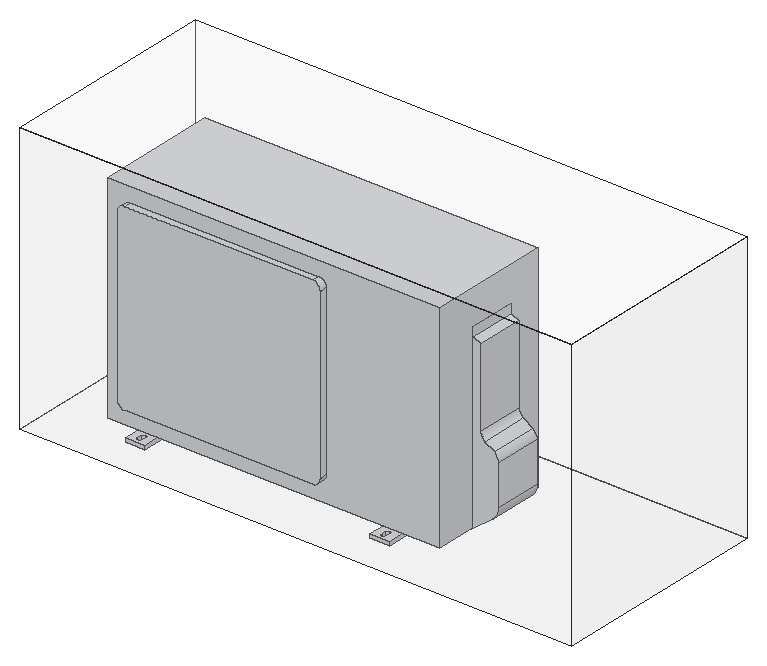
Revit family "mucz-g2556_23_50hz", category 機械設備, Revit 2019
Family settings
  丸型コネクタ寸法 = 直径を使用
  パーツ タイプ = 標準
  OmniClass 番号 = 23.75.10.24.21.27.27
  OmniClass タイトル = Split System Air Conditioning Units
  作業面ベース = いいえ
  常に垂直 = はい
  ロード時にボイドで切り取り = いいえ
  共有 = いいえ
  部屋計算ポイント = いいえ
Parameters (values of type "室外機_MUCZ-G2223(E,EE)")
  風量 = MAX風量  # 1370.0 m³/h
  音響パワーレベル(dB) = if([運転音(強冷房)  db] > [運転音(強暖房)  db], [運転音(強冷房)  db], [運転音(強暖房)  db])  # 59
  電源種別 = ""
  電圧 = 100 V
  電動機出力_送風機 = 22 W
  電動機出力_圧縮機 = 600 W
  運転音(強暖房)  db = 59
  運転音(強冷房)  db = 59
  運転質量 = 0.00 kg
  運転方法 = "冷暖切替"
  質量 = if(製品質量 > 運転質量, 製品質量, 運転質量) * 1.2  # 22.80 kg
  負荷分類 = 10_ファンコイル類
  説明 = "ルームエアコン(霧ヶ峰) GVシリーズ 室外ユニット"
  設計暖房能力 [instance] = 0 kW
  設計冷房能力_顕熱 [instance] = 0 kW
  設計冷房能力 [instance] = 0 kW
  設置方法 = "床置形"
  記号 [instance] = ""
  製造元 = "三菱電機株式会社"
  製品質量 = 19.00 kg
  製品出荷対象 = "国内"
  製品リリース年月 = "-"
  製品グループ = ""
  系統 [instance] = ""
  符号 = "ACR"
  積算_科目 = "1 空気調和設備"
  積算_拾い区分 [instance] = ""
  相 = 1
  盤記号 [instance] = ""
  発停方法 = "付属スイッチ"
  特殊仕様 [instance] = ""
  法定耐用年数 = "6"
  構成品番 = ""
  極数 = 1
  材質 = ""
  本体マテリアル = none
  最大電流値 = 0 A
  暖房能力 = 2.2 kW
  暖房 風量 = 1265.0 m³/h
  推奨ブレーカー容量 = 15 A
  形式 = "パッケージ形 屋外機"
  形名 = MUCZ-G2223 : MUCZ-G2223
  幹線記号 = ""
  始動方式 = "直入"
  呼称 = "パッケージ形空気調和機_室外機"
  周波数 = 50 Hz
  冷房 風量 = 1370.0 m³/h
  冷媒　位置Z = 128.5 mm
  冷媒　位置Y = 136 mm
  冷媒　位置X = 361.5 mm
  価格 = 0
  参照している仕様書等のバージョン = "公共建築物標準仕様書（機械設備工事編）平成31年度版"
  分類コード = "50053004206100"
  分類グループ = ""
  冷房能力 = 2.2 kW
  冷媒管径符号 = "Ab"
  冷媒管径 = 100.00 mm
  冷媒液管径 = 6.35 mm
  冷媒ガス管径 = 9.52 mm
  企業コード = "108420"
  付属品 = ""
  仕様書バージョン = "Version1.0"
  モデル = "MUCZ-G22**"
  ドレン管径 = 42.00 mm
  ドレン　位置Z = 23.5 mm
  ドレン　位置Y = 44 mm
  ドレン　位置X = 0 mm
  サービススペース = yes
  コメント [instance] = ""
  ケーブル種類1 = "VVF"
  Width = 679 mm
  Version = ""
  Uniclass2015Version = "Systems v1.9"
  Uniclass2015Title = "Split coil remote air cooled condensing units"
  Uniclass2015Code = "Pr_70_65_03_84"
  URL = "https://www.mitsubishielectric.co.jp/ldg/wink/"
  SpecificationReference = ""
  SpecificationDescription = ""
  Revision = ""
  ProductInformation = ""
  OmniClassCode = "23-33 17 13 11"
  MAX風量 = 1370.0 m³/h
  IfcTypeProduct = ""
  IfcProduct = ""
  IfcExportType = "AIRCONDITIONINGUNIT"
  IfcExportAs = "IfcUnitaryEquipmentType"
  Height = 453 mm
  FamilyVersion = "v1.7"
  Depth = 249 mm
  Clearance Top = 100 mm
  Clearance Right = 350 mm
  Clearance Left = 100 mm
  Clearance Front = 100 mm
  Clearance Bottom = 0 mm
  Clearance Back = 100 mm
  COP = 4.02
  Author = "三菱電機株式会社"
  APF = 5.8
Types (7, lengths in mm): name | 風量 | 音響パワーレベル(dB) | 電圧 | 電動機出力_送風機 | 電動機出力_圧縮機 | 運転音(強暖房)  db | 運転音(強冷房)  db | 質量 | 製品質量 | 暖房能力 | 暖房 風量 | 形名 | 冷房 風量 | 冷媒　位置Z | 冷媒　位置Y | 冷媒　位置X | 冷房能力 | モデル | ドレン管径 | ドレン　位置Z | ドレン　位置Y | Width | MAX風量 | Height | Depth | Clearance Front | COP | APF
  (no name) | 1370.0 m³/h | 59 | 100 V | 22 W | 600 W | 59 | 59 | 22.80 kg | 19.00 kg | 2.2 kW | 1265.0 m³/h | MUCZ-G2223 : MUCZ-G2223 | 1370.0 m³/h | 128.5 | 136 | 361.5 | 2.2 kW | "MUCZ-G22**" | 42.00 | 23.5 | 44 | 679 | 1370.0 m³/h | 453 | 249 | 100 | 4.02 | 5.8
  室外機_MUCZ-G2223(E,EE) | 1370.0 m³/h | 59 | 100 V | 22 W | 600 W | 59 | 59 | 22.80 kg | 19.00 kg | 2.2 kW | 1265.0 m³/h | MUCZ-G2223 : MUCZ-G2223 | 1370.0 m³/h | 128.5 | 136 | 361.5 | 2.2 kW | "MUCZ-G22**" | 42.00 | 23.5 | 44 | 679 | 1370.0 m³/h | 453 | 249 | 100 | 4.02 | 5.8
  室外機_MUCZ-G2523(E,EE) | 1690.0 m³/h | 61 | 100 V | 22 W | 650 W | 60 | 61 | 22.80 kg | 19.00 kg | 2.8 kW | 1490.0 m³/h | MUCZ-G2523_2823 : MUCZ-G2523_2823 | 1690.0 m³/h | 128.5 | 136 | 361.5 | 2.5 kW | "MUCZ-G25**" | 42.00 | 23.5 | 44 | 679 | 1690.0 m³/h | 453 | 249 | 100 | 3.92 | 5.8
  室外機_MUCZ-G2823(E,EE) | 1710.0 m³/h | 65 | 100 V | 22 W | 750 W | 65 | 62 | 24.00 kg | 20.00 kg | 3.6 kW | 1600.0 m³/h | MUCZ-G2523_2823 : MUCZ-G2523_2823 | 1710.0 m³/h | 128.5 | 136 | 361.5 | 2.8 kW | "MUCZ-G28**" | 42.00 | 23.5 | 44 | 679 | 1710.0 m³/h | 453 | 249 | 100 | 3.73 | 5.8
  室外機_MUCZ-G3623(E,EE) | 2110.0 m³/h | 64 | 100 V | 22 W | 950 W | 64 | 61 | 27.60 kg | 23.00 kg | 4.2 kW | 2015.0 m³/h | MUCZ-G3623 : MUCZ-G3623 | 2110.0 m³/h | 130.5 | 121 | 371.5 | 3.6 kW | "MUCZ-G36**" | 33.00 | 23.5 | 42 | 699 | 2110.0 m³/h | 538 | 249 | 100 | 3 | 4.9
  室外機_MUCZ-G4023S(E,EE) | 2280.0 m³/h | 64 | 200 V | 50 W | 1100 W | 64 | 61 | 33.60 kg | 28.00 kg | 5 kW | 2280.0 m³/h | MUCZ-G4023S_5623S : MUCZ-G4023S_5623S | 2280.0 m³/h | 132.5 | 171 | 429 | 4 kW | "MUCZ-G40**S" | 42.00 | 45 | 44 | 800 | 2280.0 m³/h | 550 | 285 | 200 | 2.9 | 4.9
  室外機_MUCZ-G5623S(E,EE) | 2040.0 m³/h | 68 | 200 V | 50 W | 1500 W | 68 | 65 | 40.80 kg | 34.00 kg | 6.7 kW | 2135.0 m³/h | MUCZ-G4023S_5623S : MUCZ-G4023S_5623S | 2040.0 m³/h | 132.5 | 171 | 429 | 5.6 kW | "MUCZ-G56**S" | 42.00 | 45 | 44 | 800 | 2040.0 m³/h | 550 | 285 | 200 | 2.87 | 5
Reference planes
  plane 1 "中心(正面/背面)": y = 74
  plane 2: z = 0
  plane 3 "中心(左/右)": x = 830
  plane 4 "右": x = 1169.5
  plane 5 "左": x = 490.5
  plane 6 "背面": y = 198.5
  plane 7 "正面": y = -50.5
  plane 8 "上部": z = 453
  plane 9 "Clearanse Top": z = 553
  plane 10 "SS_back": y = 298.5
  plane 11 "SS_front": y = -150.5
  plane 12 "SS_left": x = 390.5
  plane 13 "SS_right": x = 1519.5
  plane 14: z = 0
  plane 15: z = 23.5
  plane 16: z = 24.5
  plane 17: y = 154.5
  plane 18: y = 62.5
  plane 19: z = 128.5
  plane 20: x = 1191.5
  plane 21: z = 50
  plane 22: x = 1168.5
  plane 23: x = 1167.5
  plane 24: y = 63.5
Forms (mm)
  Extrusion 1, solid, material <- "本体マテリアル", detail levels fine
    sketch origin (-1437.329, -1524, 54) x (-1, 0, 0) y (0, -1, 0)
      loop
        circle (-2267.329, -1678.5) r 21
    from -30.5 to -29.5
  Extrusion 2, solid, material <- "本体マテリアル", detail levels fine
    sketch origin (1169.5, 0, 0) x (0, 1, 0) y (0, 0, 1)
      loop
        circle (154.5, 50) r 10
    from -1 to -2
  Extrusion 3, solid, material <- "本体マテリアル", detail levels fine
    sketch origin (0, -50.5, 0) x (1, 0, 0) y (0, 0, 1)
      loop
        circle (1191.5, 128.5) r 25
    from -114 to -113
Dimensions and locks
  equal spacing: plane 7 "正面", plane 1 "中心(正面/背面)", plane 6 "背面"
  "Depth": plane 7 "正面" to plane 6 "背面"
  "Width": plane 5 "左" to plane 4 "右"
  equal spacing: plane 5 "左", plane 3 "中心(左/右)", plane 4 "右"
  "Clearance Left": plane 12 "SS_left" to plane 5 "左"
  "Clearance Right": plane 4 "右" to plane 13 "SS_right"
  "Clearance Back": plane 6 "背面" to plane 10 "SS_back"
  "Clearance Front": plane 11 "SS_front" to plane 7 "正面"
  "Height": plane 8 "上部" to level
  "Clearance Top": plane 9 "Clearanse Top" to plane 8 "上部"
  "Clearance Bottom": level to plane 14
  "ドレン　位置Z": plane 15 to level
  locked: plane 16 to plane 15 at 1
  "冷媒　位置Z": plane 19 to level
  "冷媒　位置X": plane 3 "中心(左/右)" to plane 20
  locked: plane 22 to plane 4 "右" at 1
  plane 21 to level = 50 mm
  locked: plane 23 to plane 22 at 1
  "冷媒　位置Y": plane 18 to plane 6 "背面"
  "ドレン　位置Y": plane 17 to plane 6 "背面"
  locked: plane 18 to plane 24 at 1
  "ドレン管径": diameter of Extrusion 1 sketch curve
  diameter of Extrusion 3 sketch curve = 50 mm
  aligned and locked: level to plane 2
  aligned and locked: plane 10 "SS_back" to nested 1  (x2)
  aligned and locked: plane 13 "SS_right" to nested 1
  aligned and locked: plane 12 "SS_left" to nested 1  (x2)
  aligned and locked: nested 1 to plane 13 "SS_right"
  aligned and locked: plane 11 "SS_front" to nested 1
  aligned and locked: plane 9 "Clearanse Top" to nested 1
  aligned and locked: plane 1 "中心(正面/背面)" to nested 2
  aligned and locked: plane 3 "中心(左/右)" to nested 2
  aligned and locked: plane 14 to nested 1
  aligned and locked: Extrusion 1 to plane 15
  aligned and locked: plane 16 to Extrusion 1
  aligned and locked: plane 17 to Extrusion 1 sketch curve
  aligned and locked: plane 3 "中心(左/右)" to Extrusion 1 sketch curve
  aligned and locked: plane 21 to Extrusion 2 sketch curve
  aligned and locked: plane 17 to Extrusion 2 sketch curve
  aligned and locked: Extrusion 2 to plane 22
  aligned and locked: Extrusion 2 to plane 23
  aligned and locked: plane 19 to Extrusion 3 sketch curve
  aligned and locked: plane 20 to Extrusion 3 sketch curve
  aligned and locked: plane 18 to Extrusion 3
  aligned and locked: Extrusion 3 to plane 24
Automatic sketch dimensions
  radius of Extrusion 2 sketch curve = 10 mm
Nested families
  nested 1: "サービススペース_MUCZ-G25-5623" at (955, 74, 276.5), visible <- "サービススペース", type "サービススペース_MUCZ-G25-5623"
    with Width 1129 mm, Height 553 mm, Depth 449 mm
  nested 2: "MUCZ-G2223" at (830, 74, 0), type <- "形名", マテリアル <- "本体マテリアル", type "MUCZ-G2223"
    with 表示 yes, マテリアル none, ボルトピッチ Y 260 mm, ボルトピッチ X 500 mm, W 679 mm, H 453 mm, D 249 mm
Connectors
  electrical at (1168.5, 154.5, 50), driven by "極数", driven by "負荷分類", driven by "電圧"
    settings: on Extrusion 2, index 1, voltage 100 V, apparent load 655 VA, apparent load phase1 655 VA, apparent load phase2 0 VA, apparent load phase3 0 VA, power factor 1, load classification "10_ファンコイル類", number of poles 1, system type 30, power factor state 1, is connector primary yes, connector utility no, sub classification motor no, connector description ""
  piping at (830, 154.5, 23.5), diameter 42, driven by "ドレン管径"
    settings: on Extrusion 1, index 3, connector inside diameter 609.60 mm, connector length 0 mm, flow factor 0, pipe flow 0.0 L/s, pressure drop 0.0 Pa, fitting loss kfactor 0, connector angle 0.00°, fixture units 0, engagement length 0 mm, angle of deflection 0.00°, flow configuration 1, flow direction 2, fitting loss method 4, system type 16, joint type 0, gender type 0, connector reference index -1, connector utility 0, adjustable connector no, is connector primary yes, connector description ""
  piping at (1191.5, 63.5, 128.5), diameter 100, driven by "冷媒管径", driven by "冷媒管径符号"
    settings: on Extrusion 3, index 4, connector inside diameter 609.60 mm, connector length 0 mm, flow factor 0, pipe flow 0.0 L/s, pressure drop 0.0 Pa, fitting loss kfactor 0, connector angle 0.00°, fixture units 0, engagement length 0 mm, angle of deflection 0.00°, flow configuration 1, flow direction 2, fitting loss method 4, system type 7, joint type 0, gender type 0, connector reference index -1, connector utility 0, adjustable connector no, is connector primary no, connector description "Ab"
Definition of nested family "サービススペース_MUCZ-G25-5623"
  Parameters (values of type "サービススペース")
    Width [instance] = 500 mm
    Height [instance] = 500 mm
    Depth [instance] = 500 mm
  Reference planes
    plane 1 "中心(正面/背面)": y = 0
    plane 2: z = 0
    plane 3 "中心(左/右)": x = 0
    plane 4: y = -250
    plane 5: x = 250
    plane 6: y = 250
    plane 7: x = -250
    plane 8: z = 250
    plane 9: z = -250
  Forms (mm)
    Extrusion 1, solid
      sketch origin (-638.939, 0, 72.39) x (1, 0, 0) y (0, 1, 0)
        loop
          line (388.939, 250) -> (388.939, -250) -> (888.939, -250) -> (888.939, 250) -> (388.939, 250)
      from -322.39 to 177.61
  Lines and regions (mm)
    symbolic lines
      curve 1: line (-250, 0, 250) -> (250, 0, 250)
      curve 2: line (-250, 0, -250) -> (-250, 0, 250)
      curve 3: line (250, 0, -250) -> (-250, 0, -250)
      curve 4: line (250, 0, 250) -> (250, 0, -250)
      curve 5: line (0, -250, 250) -> (0, 250, 250)
      curve 6: line (0, -250, -250) -> (0, -250, 250)
      curve 7: line (0, 250, -250) -> (0, -250, -250)
      curve 8: line (0, 250, 250) -> (0, 250, -250)
      curve 9: line (-250, 250, 0) -> (250, 250, 0)
      curve 10: line (-250, -250, 0) -> (-250, 250, 0)
      curve 11: line (250, -250, 0) -> (-250, -250, 0)
      curve 12: line (250, 250, 0) -> (250, -250, 0)
  Dimensions and locks
    equal spacing: plane 7, plane 3 "中心(左/右)", plane 5
    equal spacing: plane 4, plane 1 "中心(正面/背面)", plane 6
    "Depth": plane 4 to plane 6
    "Width": plane 7 to plane 5
    equal spacing: plane 8, plane 2, plane 9
    "Height": plane 8 to plane 9
    aligned and locked: plane 9 to curve 3
    aligned and locked: plane 7 to curve 2
    aligned and locked: curve 4 to plane 5
    aligned and locked: plane 5 to Extrusion 1
    aligned and locked: Extrusion 1 to plane 7
    aligned and locked: Extrusion 1 to plane 9
    aligned and locked: plane 8 to Extrusion 1
    aligned and locked: plane 9 to curve 7
  Automatic sketch dimensions
    plane 4 to Extrusion 1 sketch curve = 0 mm
    Extrusion 1 sketch curve to plane 7 = 0 mm
    Extrusion 1 sketch curve to plane 5 = 0 mm
    plane 6 to Extrusion 1 sketch curve = 0 mm
    curve 2 to plane 8 = 0 mm
    plane 4 to curve 11 = 0 mm
    curve 11 to plane 7 = 0 mm
    curve 11 to plane 5 = 0 mm
    plane 6 to curve 10 = 0 mm
    curve 7 to plane 4 = 0 mm
    curve 7 to plane 6 = 0 mm
    curve 6 to plane 8 = 0 mm
Definition of nested family "MUCZ-G2223"
  Parameters (values of type "MUCZ-G2223")
    ボルトピッチ Y [instance] = 260 mm  # constant formula
    ボルトピッチ X [instance] = 500 mm  # constant formula
    H [instance] = 453 mm  # constant formula
    D [instance] = 249 mm  # constant formula
    マテリアル [instance] = none
    表示 [instance] = yes
    W [instance] = 679 mm  # constant formula
  Reference planes
    plane 1 "中心(正面/背面)": y = 0
    plane 2: z = 0
    plane 3 "中心(左/右)": x = 0
    plane 4: z = 453
    plane 5: x = -339.5
    plane 6: x = 339.5
    plane 7: y = 124.5
    plane 8: y = -124.5
    plane 9: x = 361.5
    plane 10: x = -263.5
    plane 11: y = 135.5
    plane 12: y = -149.5
    plane 13: y = -134.5
  Forms (mm)
    Extrusion 1, solid, material <- "マテリアル", visible <- "表示", detail levels fine
      sketch origin (-1437.329, -1524, 453) x (-1, 0, 0) y (0, -1, 0)
        loop
          line (-1153.829, -1635) -> (-1153.829, -1409.5) -> (-1193.829, -1409.5) -> (-1193.829, -1635) -> (-1153.829, -1635)
        loop
          line (-1653.829, -1635) -> (-1653.829, -1409.5) -> (-1693.829, -1409.5) -> (-1693.829, -1635) -> (-1653.829, -1635)
      from -453 to -439.5
    Extrusion 2, solid, material <- "マテリアル", visible <- "表示", detail levels fine
      sketch origin (-1437.329, -1524, 453) x (-1, 0, 0) y (0, -1, 0)
        loop
          line (-1776.829, -1628.5) -> (-1097.829, -1628.5) -> (-1097.829, -1399.5) -> (-1776.829, -1399.5) -> (-1776.829, -1628.5)
      from -429.5 to 0
    Blend 3, solid, material <- "マテリアル", visible <- "表示", detail levels fine
      base sketch origin (0, 0, 0) x (0, 1, 0) y (0, 0, 1)
        loop
          line (21.3, 444.8) -> (-68.7, 444.8) -> (-68.7, 438) -> (21.3, 438) -> (21.3, 444.8)
      top sketch origin (0, 0, 0) x (0, 1, 0) y (0, 0, 1)
        loop
          line (8.8, 440) -> (-56.2, 440) -> (-56.2, 438) -> (8.8, 438) -> (8.8, 440)
      from -339.5 to -352.5
    Extrusion 4, solid, material <- "マテリアル", visible <- "表示", detail levels fine
      sketch origin (0, 0, 0) x (1, 0, 0) y (0, 0, 1)
        loop
          line (339.5, 383.5) -> (339.5, 13.5) -> (382.554, 45.944)
          arc (382.554, 45.944) -> (391.348, 56.517) -> (394.5, 69.903) r 30
          line (394.5, 69.903) -> (394.5, 152.957)
          arc (394.5, 152.957) -> (392.192, 162.284) -> (385.802, 169.458) r 20
          line (385.802, 169.458) -> (366.698, 182.542)
          arc (366.698, 182.542) -> (360.308, 189.716) -> (358, 199.043) r 20
          line (358, 199.043) -> (358, 357.5) -> (341, 365.1) -> (341, 383.5) -> (339.5, 383.5)
      from -53.5 to 43.5
    Extrusion 5, solid, material <- "マテリアル", visible <- "表示", detail levels fine
      sketch origin (-1437.329, -1524, 453) x (-1, 0, 0) y (0, -1, 0)
        loop
          line (-1153.829, -1659.5) -> (-1153.829, -1635) -> (-1193.829, -1635) -> (-1193.829, -1659.5) -> (-1178.829, -1659.5) -> (-1178.829, -1642.5)
          arc (-1178.829, -1642.5) -> (-1173.829, -1637.5) -> (-1168.829, -1642.5) r 5
          line (-1168.829, -1642.5) -> (-1168.829, -1659.5) -> (-1153.829, -1659.5)
        loop
          line (-1653.829, -1659.5) -> (-1653.829, -1635) -> (-1693.829, -1635) -> (-1693.829, -1659.5) -> (-1678.829, -1659.5) -> (-1678.829, -1642.5)
          arc (-1678.829, -1642.5) -> (-1673.829, -1637.5) -> (-1668.829, -1642.5) r 5
          line (-1668.829, -1642.5) -> (-1668.829, -1659.5) -> (-1653.829, -1659.5)
        loop
          line (-1653.829, -1409.5) -> (-1653.829, -1374.5) -> (-1693.829, -1374.5) -> (-1693.829, -1409.5) -> (-1653.829, -1409.5)
        loop
          line (-1153.829, -1409.5) -> (-1153.829, -1374.5) -> (-1193.829, -1374.5) -> (-1193.829, -1409.5) -> (-1153.829, -1409.5)
        loop
          arc (-1678.829, -1393.5) -> (-1673.829, -1398.5) -> (-1668.829, -1393.5) r 5
          line (-1668.829, -1393.5) -> (-1668.829, -1384.5)
          arc (-1668.829, -1384.5) -> (-1673.829, -1379.5) -> (-1678.829, -1384.5) r 5
          line (-1678.829, -1384.5) -> (-1678.829, -1393.5)
        loop
          line (-1168.829, -1394.915) -> (-1168.829, -1385.906)
          arc (-1168.829, -1385.906) -> (-1173.879, -1380.856) -> (-1178.928, -1385.906) r 5.05
          line (-1178.928, -1385.906) -> (-1178.928, -1394.915)
          arc (-1178.928, -1394.915) -> (-1173.879, -1399.965) -> (-1168.829, -1394.915) r 5.05
      from -446 to -453
    Extrusion 6, solid, material <- "マテリアル", visible <- "表示", detail levels fine
      sketch origin (1480.036, -173.2, 1200) x (1, 0, 0) y (0, 0, 1)
        loop
          line (-1788.036, -791.7) -> (-1788.036, -1134.7)
          arc (-1788.036, -1134.7) -> (-1783.643, -1145.307) -> (-1773.036, -1149.7) r 15
          line (-1773.036, -1149.7) -> (-1388.036, -1149.7)
          arc (-1388.036, -1149.7) -> (-1377.43, -1145.307) -> (-1373.036, -1134.7) r 15
          line (-1373.036, -1134.7) -> (-1373.036, -791.7)
          arc (-1373.036, -791.7) -> (-1377.43, -781.093) -> (-1388.036, -776.7) r 15
          line (-1388.036, -776.7) -> (-1773.036, -776.7)
          arc (-1773.036, -776.7) -> (-1783.643, -781.093) -> (-1788.036, -791.7) r 15
      from -48.7 to -33.7
    Sweep 7, solid, visible <- "表示", detail levels fine
      path in 3D
        loop
          line (361.5, -11.5, 156) -> (361.5, 7.568, 172)
      profile origin (361.5, -1.966, 164) x (0, -0.642788, 0.766044) y (1, 0, 0)
        loop
          circle (0, 0) r 6.35
    Sweep 8, solid, visible <- "表示", detail levels fine
      path in 3D
        loop
          line (361.5, -11.5, 101) -> (361.5, 6.73, 118)
      profile origin (361.5, -2.385, 109.5) x (0, -0.681998, 0.731354) y (1, 0, 0)
        loop
          circle (0, 0) r 9.52
    Extrusion 9, solid, material <- "マテリアル", visible <- "表示", detail levels fine
      sketch origin (1480.036, -173.2, 1200) x (1, 0, 0) y (0, 0, 1)
        loop
          line (-1819.536, -747) -> (-1819.536, -1186.5) -> (-1140.536, -1186.5) -> (-1140.536, -747) -> (-1819.536, -747)
        loop
          line (-1255.536, -771) -> (-1779.536, -771) -> (-1779.536, -1154) -> (-1255.536, -1154) -> (-1255.536, -771)
      from -297.7 to -277.7
    Extrusion 10, solid, material <- "マテリアル", visible <- "表示", detail levels fine
      sketch origin (0, 0, 0) x (1, 0, 0) y (0, 1, 0)
        loop
          line (-339.5, 104.5) -> (-339.5, -124.5) -> (339.5, -124.5) -> (339.5, 104.5) -> (-339.5, 104.5)
        loop
          circle (0, 80.5) r 21
      from 13.5 to 23.5
  Cuts and joins
    joined: Extrusion 1, Extrusion 5
    joined: Extrusion 2, Extrusion 9, Extrusion 10
  Lines and regions (mm)
    Masking region 1, visible <- "表示", detail levels coarse+medium
      outline origin (-1437.329, -1524, 453) x (-1, 0, 0) y (0, -1, 0)
        loop
          line (-1776.829, -1399.5) -> (-1776.829, -1648.5) -> (-1097.829, -1648.5) -> (-1097.829, -1399.5) -> (-1776.829, -1399.5)
    model lines, visible <- "表示", detail levels fine
      curve 1: line (-319, -98.5, 453) -> (319, -98.5, 453)
      curve 2: line (-319, -83.5, 453) -> (319, -83.5, 453)
      curve 3: line (-319, -83.5, 453) -> (-319, -98.5, 453)
      curve 4: line (319, -98.5, 453) -> (319, -83.5, 453)
      curve 5: line (-319, -65.5, 453) -> (319, -65.5, 453)
      curve 6: line (-319, -50.5, 453) -> (319, -50.5, 453)
      curve 7: line (-319, -50.5, 453) -> (-319, -65.5, 453)
      curve 8: line (319, -65.5, 453) -> (319, -50.5, 453)
      curve 9: line (-319, -32.5, 453) -> (319, -32.5, 453)
      curve 10: line (-319, -17.5, 453) -> (319, -17.5, 453)
      curve 11: line (-319, -17.5, 453) -> (-319, -32.5, 453)
      curve 12: line (319, -32.5, 453) -> (319, -17.5, 453)
      curve 13: line (-319, 0.5, 453) -> (319, 0.5, 453)
      curve 14: line (-319, 15.5, 453) -> (319, 15.5, 453)
      curve 15: line (-319, 15.5, 453) -> (-319, 0.5, 453)
      curve 16: line (319, 0.5, 453) -> (319, 15.5, 453)
      curve 17: line (-319, 69, 453) -> (319, 69, 453)
      curve 18: line (-319, 84, 453) -> (319, 84, 453)
      curve 19: line (-319, 84, 453) -> (-319, 69, 453)
      curve 20: line (319, 69, 453) -> (319, 84, 453)
      curve 21: line (-308, -139.5, 78.3) -> (107, -139.5, 78.3)
      curve 22: line (-308, -139.5, 176.3) -> (107, -139.5, 176.3)
      curve 23: line (107, -139.5, 395.3) -> (-308, -139.5, 395.3)
      curve 24: line (107, -139.5, 372.3) -> (-308, -139.5, 372.3)
      curve 25: line (107, -139.5, 274.3) -> (-308, -139.5, 274.3)
      curve 26: line (-100.5, -139.5, 423.3) -> (-100.5, -139.5, 50.3)
      curve 27: circle (-100.5, -139.5, 236.8) r 186 normal (0, -1, 0)
      curve 28: arc (-213, -139.5, 423.529) -> (-271.36, -139.5, 372.191) -> (-308, -139.5, 303.641) r 218
      curve 29: arc (-308, -139.5, 169.959) -> (-271.36, -139.5, 101.409) -> (-213, -139.5, 50.071) r 218
      curve 30: arc (12, -139.5, 50.071) -> (70.36, -139.5, 101.409) -> (107, -139.5, 169.959) r 218
      curve 31: arc (107, -139.5, 303.641) -> (70.36, -139.5, 372.191) -> (12, -139.5, 423.529) r 218
      curve 32: line (-108, -139.5, 50.3) -> (-108, -139.5, 423.3)
      curve 33: line (-115.5, -139.5, 50.3) -> (-115.5, -139.5, 423.3)
      curve 34: line (-123, -139.5, 50.3) -> (-123, -139.5, 423.3)
      curve 35: line (-130.5, -139.5, 50.3) -> (-130.5, -139.5, 423.3)
      curve 36: line (-138, -139.5, 50.3) -> (-138, -139.5, 423.3)
      curve 37: line (-145.5, -139.5, 50.3) -> (-145.5, -139.5, 423.3)
      curve 38: line (-153, -139.5, 50.3) -> (-153, -139.5, 423.3)
      curve 39: line (-160.5, -139.5, 50.3) -> (-160.5, -139.5, 423.3)
      curve 40: line (-168, -139.5, 50.3) -> (-168, -139.5, 423.3)
      curve 41: line (-175.5, -139.5, 50.3) -> (-175.5, -139.5, 423.3)
      curve 42: line (-183, -139.5, 50.3) -> (-183, -139.5, 423.3)
      curve 43: line (-190.5, -139.5, 50.3) -> (-190.5, -139.5, 423.3)
      curve 44: line (-198, -139.5, 50.3) -> (-198, -139.5, 423.3)
      curve 45: line (-205.5, -139.5, 50.3) -> (-205.5, -139.5, 423.3)
      curve 46: line (-213, -139.5, 50.071) -> (-213, -139.5, 423.529)
      curve 47: line (-220.5, -139.5, 50.071) -> (-220.5, -139.5, 423.529)
      curve 48: line (-228, -139.5, 50.071) -> (-228, -139.5, 423.529)
      curve 49: line (-235.5, -139.5, 50.071) -> (-235.5, -139.5, 423.529)
      curve 50: line (-243, -139.5, 50.071) -> (-243, -139.5, 423.529)
      curve 51: line (-250.5, -139.5, 50.071) -> (-250.5, -139.5, 423.529)
      curve 52: line (-258, -139.5, 50.071) -> (-258, -139.5, 423.529)
      curve 53: line (-265.5, -139.5, 50.071) -> (-265.5, -139.5, 423.529)
      curve 54: line (-273, -139.5, 50.071) -> (-273, -139.5, 423.529)
      curve 55: line (-280.5, -139.5, 50.071) -> (-280.5, -139.5, 423.529)
      curve 56: line (-288, -139.5, 50.071) -> (-288, -139.5, 423.529)
      curve 57: line (-295.5, -139.5, 78.3) -> (-295.5, -139.5, 395.3)
      curve 58: line (-303, -139.5, 78.3) -> (-303, -139.5, 395.3)
      curve 59: line (-93, -139.5, 50.3) -> (-93, -139.5, 423.3)
      curve 60: line (-85.5, -139.5, 50.3) -> (-85.5, -139.5, 423.3)
      curve 61: line (-78, -139.5, 50.3) -> (-78, -139.5, 423.3)
      curve 62: line (-70.5, -139.5, 50.3) -> (-70.5, -139.5, 423.3)
      curve 63: line (-63, -139.5, 50.3) -> (-63, -139.5, 423.3)
      curve 64: line (-55.5, -139.5, 50.3) -> (-55.5, -139.5, 423.3)
      curve 65: line (-48, -139.5, 50.3) -> (-48, -139.5, 423.3)
      curve 66: line (-40.5, -139.5, 50.3) -> (-40.5, -139.5, 423.3)
      curve 67: line (-33, -139.5, 50.3) -> (-33, -139.5, 423.3)
      curve 68: line (-25.5, -139.5, 50.3) -> (-25.5, -139.5, 423.3)
      curve 69: line (-18, -139.5, 50.3) -> (-18, -139.5, 423.3)
      curve 70: line (-10.5, -139.5, 50.3) -> (-10.5, -139.5, 423.3)
      curve 71: line (-3, -139.5, 50.3) -> (-3, -139.5, 423.3)
      curve 72: line (4.5, -139.5, 50.3) -> (4.5, -139.5, 423.3)
      curve 73: line (12, -139.5, 50.071) -> (12, -139.5, 423.529)
      curve 74: line (19.5, -139.5, 50.071) -> (19.5, -139.5, 423.529)
      curve 75: line (27, -139.5, 50.071) -> (27, -139.5, 423.529)
      curve 76: line (34.5, -139.5, 50.071) -> (34.5, -139.5, 423.529)
      curve 77: line (42, -139.5, 50.071) -> (42, -139.5, 423.529)
      curve 78: line (49.5, -139.5, 50.071) -> (49.5, -139.5, 423.529)
      curve 79: line (57, -139.5, 50.071) -> (57, -139.5, 423.529)
      curve 80: line (64.5, -139.5, 50.071) -> (64.5, -139.5, 423.529)
      curve 81: line (72, -139.5, 50.071) -> (72, -139.5, 423.529)
      curve 82: line (79.5, -139.5, 50.071) -> (79.5, -139.5, 423.529)
      curve 83: line (87, -139.5, 50.071) -> (87, -139.5, 423.529)
      curve 84: line (94.5, -139.5, 78.3) -> (94.5, -139.5, 395.3)
      curve 85: line (102, -139.5, 78.3) -> (102, -139.5, 395.3)
      curve 86: line (277.5, -124.5, 100.3) -> (277.5, -124.5, 299.7)
      curve 87: line (282.5, -124.5, 299.7) -> (282.5, -124.5, 100.3)
      curve 88: line (277.5, -124.5, 100.3) -> (282.5, -124.5, 100.3)
      curve 89: line (282.5, -124.5, 299.7) -> (277.5, -124.5, 299.7)
      curve 90: line (247.5, -124.5, 100.3) -> (247.5, -124.5, 299.7)
      curve 91: line (252.5, -124.5, 299.7) -> (252.5, -124.5, 100.3)
      curve 92: line (247.5, -124.5, 100.3) -> (252.5, -124.5, 100.3)
      curve 93: line (252.5, -124.5, 299.7) -> (247.5, -124.5, 299.7)
      curve 94: line (217.5, -124.5, 100.3) -> (217.5, -124.5, 299.7)
      curve 95: line (222.5, -124.5, 299.7) -> (222.5, -124.5, 100.3)
      curve 96: line (217.5, -124.5, 100.3) -> (222.5, -124.5, 100.3)
      curve 97: line (222.5, -124.5, 299.7) -> (217.5, -124.5, 299.7)
      curve 98: line (187.5, -124.5, 100.3) -> (187.5, -124.5, 299.7)
      curve 99: line (192.5, -124.5, 299.7) -> (192.5, -124.5, 100.3)
      curve 100: line (187.5, -124.5, 100.3) -> (192.5, -124.5, 100.3)
      curve 101: line (192.5, -124.5, 299.7) -> (187.5, -124.5, 299.7)
      curve 102: line (157.5, -124.5, 100.3) -> (157.5, -124.5, 299.7)
      curve 103: line (162.5, -124.5, 299.7) -> (162.5, -124.5, 100.3)
      curve 104: line (157.5, -124.5, 100.3) -> (162.5, -124.5, 100.3)
      curve 105: line (162.5, -124.5, 299.7) -> (157.5, -124.5, 299.7)
      curve 106: line (-339.5, -100.5, 397.224) -> (-339.5, -100.5, 45.089)
      curve 107: line (-339.5, -85.5, 397.224) -> (-339.5, -85.5, 45.089)
      curve 108: line (-339.5, 27.3, 400) -> (-339.5, 27.3, 54.3)
      curve 109: line (-339.5, 37.3, 400) -> (-339.5, 37.3, 54.3)
      curve 110: arc (-339.5, -100.5, 45.089) -> (-339.5, -93, 37.589) -> (-339.5, -85.5, 45.089) r 7.5
      curve 111: arc (-339.5, 27.3, 54.3) -> (-339.5, 32.3, 49.3) -> (-339.5, 37.3, 54.3) r 5
      curve 112: arc (-339.5, -85.5, 397.224) -> (-339.5, -93, 404.724) -> (-339.5, -100.5, 397.224) r 7.5
      curve 113: arc (-339.5, 37.3, 400) -> (-339.5, 32.3, 405) -> (-339.5, 27.3, 400) r 5
    sketch lines
      curve 114: line (361.5, -11.5, 156) -> (361.5, 7.568, 172)
      curve 115: line (361.5, -11.5, 101) -> (361.5, 6.73, 118)
    symbolic lines
      curve 116: line (-339.5, 124.5, 0) -> (339.5, 124.5, 0)
      curve 117: line (-339.5, -124.5, 0) -> (-339.5, 124.5, 0)
      curve 118: line (339.5, -124.5, 0) -> (-339.5, -124.5, 0)
      curve 119: line (339.5, 124.5, 0) -> (339.5, -124.5, 0)
  Dimensions and locks
    equal spacing: plane 8, plane 1 "中心(正面/背面)", plane 7
    "D": plane 8 to plane 7
    equal spacing: plane 5, plane 3 "中心(左/右)", plane 6
    "W": plane 5 to plane 6
    "H": plane 4 to level
    plane 7 to plane 1 "中心(正面/背面)" to plane 8 = 124.5 mm, 124.5 mm
    locked: plane 12 to plane 13 at 15
    locked: plane 12 to plane 11 at 285
    locked: plane 5 to plane 10 at 76
    aligned and locked: level to plane 2
    aligned and locked: Extrusion 1 to level
    aligned and locked: Extrusion 2 sketch curve to plane 8
    aligned and locked: Extrusion 2 sketch curve to plane 5
    aligned and locked: Extrusion 2 sketch curve to plane 6
    aligned and locked: plane 5 to Blend 3
    aligned and locked: Extrusion 4 sketch curve to plane 6
    aligned and locked: level to Extrusion 5
    aligned and locked: Extrusion 6 to plane 8
    aligned and locked: plane 4 to Extrusion 2
    aligned and locked: Extrusion 9 sketch curve to plane 5
    aligned and locked: Extrusion 9 sketch curve to plane 4
    aligned and locked: Extrusion 9 sketch curve to plane 6
    aligned and locked: Extrusion 9 to plane 7
    aligned and locked: Extrusion 10 sketch curve to plane 5
    aligned and locked: Extrusion 10 sketch curve to plane 8
    aligned and locked: Extrusion 10 sketch curve to plane 6
    aligned and locked: Extrusion 10 sketch curve to cut or joined group of Extrusion 2, Extrusion 9, Extrusion 10
    aligned and locked: plane 10 to nested 1
    aligned and locked: plane 13 to nested 1
  Automatic sketch dimensions
    plane 7 to Extrusion 1 sketch curve = 13.5 mm  (x2)
    Extrusion 1 sketch curve to plane 6 = 83 mm
    Extrusion 1 sketch curve to plane 8 = 10 mm  (x2)
    Extrusion 1 sketch curve to Extrusion 1 sketch curve = 40 mm  (x2)
    plane 5 to Extrusion 1 sketch curve = 96 mm
    Blend 3 sketch curve to plane 4 = 8.2 mm
    Blend 3 sketch curve to plane 8 = 55.8 mm
    Blend 3 sketch curve to plane 1 "中心(正面/背面)" = 21.3 mm
    Blend 3 sketch curve to Blend 3 sketch curve = 6.8 mm
    Blend 3 sketch curve to plane 4 = 13 mm
    plane 1 "中心(正面/背面)" to Blend 3 sketch curve = 56.2 mm
    Blend 3 sketch curve to plane 1 "中心(正面/背面)" = 8.8 mm
    Blend 3 sketch curve to Blend 3 sketch curve = 2 mm
    plane 6 to Extrusion 4 sketch curve = 1.5 mm
    plane 6 to Extrusion 4 sketch curve = 18.5 mm
    plane 6 to Extrusion 4 sketch curve = 25 mm
    Extrusion 4 sketch curve to Extrusion 4 sketch curve = 8.698 mm  (x2)
    Extrusion 4 sketch curve to Extrusion 4 sketch curve = 7.802 mm
    Extrusion 4 sketch curve to Extrusion 4 sketch curve = 20 mm
    Extrusion 4 sketch curve to Extrusion 4 sketch curve = 18.054 mm
    Extrusion 4 sketch curve to Extrusion 4 sketch curve = 11.302 mm
    Extrusion 4 sketch curve to Extrusion 4 sketch curve = 83.054 mm
    Extrusion 4 sketch curve to Extrusion 4 sketch curve = 13.085 mm
    Extrusion 4 sketch curve to plane 4 = 95.5 mm
    Extrusion 4 sketch curve to Extrusion 4 sketch curve = 7.6 mm
    Extrusion 4 sketch curve to Extrusion 4 sketch curve = 18.4 mm
    curve 20 to plane 6 = 20.5 mm
    curve 1 to plane 6 = 20.5 mm
    curve 16 to plane 6 = 20.5 mm
    curve 5 to curve 2 = 0 mm
    curve 12 to curve 13 = 0 mm
    plane 5 to curve 11 = 20.5 mm
    plane 5 to curve 7 = 20.5 mm
    curve 13 to plane 1 "中心(正面/背面)" = 0.5 mm
    curve 13 to curve 10 = 0 mm
    plane 5 to curve 3 = 20.5 mm
    plane 5 to curve 17 = 20.5 mm
    curve 15 to curve 13 = 15 mm
    curve 20 to curve 14 = 53.5 mm
    curve 20 to curve 17 = 15 mm
    plane 1 "中心(正面/背面)" to curve 12 = 17.5 mm
    curve 10 to curve 11 = 15 mm
    curve 9 to curve 8 = 18 mm
    curve 6 to curve 8 = 15 mm
    curve 5 to curve 2 = 18 mm
    curve 2 to curve 3 = 15 mm
    plane 8 to Extrusion 5 sketch curve = 25 mm  (x2)
    Extrusion 5 sketch curve to plane 6 = 83 mm  (x2)
    Extrusion 5 sketch curve to plane 7 = 11 mm  (x3)
    Extrusion 5 sketch curve to Extrusion 5 sketch curve = 15 mm  (x7)
    Extrusion 5 sketch curve to Extrusion 5 sketch curve = 5 mm  (x3)
    plane 5 to Extrusion 5 sketch curve = 96 mm  (x2)
    plane 8 to Extrusion 5 sketch curve = 4.585 mm
    Extrusion 5 sketch curve to Extrusion 5 sketch curve = 14.901 mm
    Extrusion 5 sketch curve to Extrusion 5 sketch curve = 5.05 mm
    Extrusion 5 sketch curve to Extrusion 5 sketch curve = 0 mm
    plane 7 to Extrusion 5 sketch curve = 6 mm  (x2)
    plane 7 to Extrusion 5 sketch curve = 13.5 mm  (x2)
    Extrusion 5 sketch curve to plane 8 = 10 mm  (x2)
    plane 8 to Extrusion 5 sketch curve = 6 mm
    Extrusion 5 sketch curve to Extrusion 5 sketch curve = 9.009 mm
    Extrusion 5 sketch curve to Extrusion 5 sketch curve = 9 mm
    plane 5 to Extrusion 6 sketch curve = 31.5 mm
    Extrusion 6 sketch curve to Extrusion 6 sketch curve = 15 mm  (x3)
    plane 3 "中心(左/右)" to Extrusion 6 sketch curve = 92 mm  (x2)
    Extrusion 6 sketch curve to plane 4 = 44.7 mm
    curve 27 to curve 28 = 0 mm  (x2)
    curve 27 to curve 29 = 0 mm  (x2)
    curve 27 to curve 30 = 0 mm  (x2)
    curve 27 to curve 31 = 0 mm  (x2)
    Extrusion 6 to curve 21 = 0 mm
    Extrusion 6 to curve 28 = 0 mm
    Extrusion 6 to curve 22 = 0 mm
    Extrusion 6 to curve 29 = 0 mm
    Extrusion 6 to curve 23 = 0 mm
    Extrusion 6 to curve 25 = 0 mm
    Extrusion 6 to curve 24 = 0 mm
    curve 45 to Extrusion 6 = 0 mm  (x2)
    curve 44 to Extrusion 6 = 0 mm  (x2)
    curve 43 to Extrusion 6 = 0 mm  (x2)
    curve 42 to Extrusion 6 = 0 mm  (x2)
    curve 41 to Extrusion 6 = 0 mm  (x2)
    curve 40 to Extrusion 6 = 0 mm  (x2)
    curve 39 to Extrusion 6 = 0 mm  (x2)
    curve 38 to Extrusion 6 = 0 mm  (x2)
    curve 37 to Extrusion 6 = 0 mm  (x2)
    curve 36 to Extrusion 6 = 0 mm  (x2)
    curve 35 to Extrusion 6 = 0 mm  (x2)
    curve 34 to Extrusion 6 = 0 mm  (x2)
    curve 33 to Extrusion 6 = 0 mm  (x2)
    curve 32 to Extrusion 6 = 0 mm  (x2)
    curve 26 to Extrusion 6 = 0 mm  (x2)
    curve 59 to Extrusion 6 = 0 mm  (x2)
    curve 60 to Extrusion 6 = 0 mm  (x2)
    curve 61 to Extrusion 6 = 0 mm  (x2)
    curve 62 to Extrusion 6 = 0 mm  (x2)
    curve 63 to Extrusion 6 = 0 mm  (x2)
    curve 64 to Extrusion 6 = 0 mm  (x2)
    curve 65 to Extrusion 6 = 0 mm  (x2)
    curve 66 to Extrusion 6 = 0 mm  (x2)
    curve 67 to Extrusion 6 = 0 mm  (x2)
    curve 68 to Extrusion 6 = 0 mm  (x2)
    curve 69 to Extrusion 6 = 0 mm  (x2)
    curve 70 to Extrusion 6 = 0 mm  (x2)
    curve 71 to Extrusion 6 = 0 mm  (x2)
    curve 72 to Extrusion 6 = 0 mm  (x2)
    curve 22 to Extrusion 6 = 0 mm
    curve 24 to Extrusion 6 = 0 mm
    curve 25 to Extrusion 6 = 0 mm
    curve 31 to Extrusion 6 = 0 mm
    curve 30 to Extrusion 6 = 0 mm
    curve 23 to Extrusion 6 = 0 mm
    curve 21 to Extrusion 6 = 0 mm
    Extrusion 6 to curve 46 = 0.229 mm  (x2)
    curve 46 to Extrusion 6 = 95 mm
    curve 31 to Extrusion 6 = 207.5 mm
    Extrusion 6 to curve 73 = 0.229 mm  (x2)
    curve 73 to Extrusion 6 = 95 mm
    curve 30 to Extrusion 6 = 186.5 mm
    curve 58 to Extrusion 6 = 5 mm
    curve 58 to curve 57 = 7.5 mm
    Extrusion 6 to curve 56 = 0.229 mm  (x2)
    curve 56 to Extrusion 6 = 20 mm
    Extrusion 6 to curve 55 = 0.229 mm  (x2)
    curve 56 to curve 55 = 7.5 mm
    Extrusion 6 to curve 54 = 0.229 mm  (x2)
    curve 55 to curve 54 = 7.5 mm
    Extrusion 6 to curve 53 = 0.229 mm  (x2)
    curve 54 to curve 53 = 7.5 mm
    Extrusion 6 to curve 52 = 0.229 mm  (x2)
    curve 53 to curve 52 = 7.5 mm
    Extrusion 6 to curve 51 = 0.229 mm  (x2)
    curve 52 to curve 51 = 7.5 mm
    Extrusion 6 to curve 50 = 0.229 mm  (x2)
    curve 51 to curve 50 = 7.5 mm
    Extrusion 6 to curve 49 = 0.229 mm  (x2)
    curve 50 to curve 49 = 7.5 mm
    Extrusion 6 to curve 48 = 0.229 mm  (x2)
    curve 49 to curve 48 = 7.5 mm
    Extrusion 6 to curve 47 = 0.229 mm  (x2)
    curve 47 to curve 28 = 7.5 mm
    curve 46 to curve 45 = 7.5 mm
    curve 45 to curve 44 = 7.5 mm
    curve 44 to curve 43 = 7.5 mm
    curve 43 to curve 42 = 7.5 mm
    curve 42 to curve 41 = 7.5 mm
    curve 41 to curve 40 = 7.5 mm
    curve 40 to curve 39 = 7.5 mm
    curve 39 to curve 38 = 7.5 mm
    curve 38 to curve 37 = 7.5 mm
    curve 37 to curve 36 = 7.5 mm
    curve 36 to curve 35 = 7.5 mm
    curve 35 to curve 34 = 7.5 mm
    curve 34 to curve 33 = 7.5 mm
    curve 33 to curve 32 = 7.5 mm
    curve 32 to curve 26 = 7.5 mm
    curve 26 to curve 59 = 7.5 mm
    curve 59 to curve 60 = 7.5 mm
    curve 60 to curve 61 = 7.5 mm
    curve 61 to curve 62 = 7.5 mm
    curve 62 to curve 63 = 7.5 mm
    curve 63 to curve 64 = 7.5 mm
    curve 64 to curve 65 = 7.5 mm
    curve 65 to curve 66 = 7.5 mm
    curve 66 to curve 67 = 7.5 mm
    curve 67 to curve 68 = 7.5 mm
    curve 68 to curve 69 = 7.5 mm
    curve 69 to curve 70 = 7.5 mm
    curve 70 to curve 71 = 7.5 mm
    curve 71 to curve 72 = 7.5 mm
    Extrusion 6 to curve 74 = 0.229 mm  (x2)
    curve 31 to curve 74 = 7.5 mm
    Extrusion 6 to curve 75 = 0.229 mm  (x2)
    curve 74 to curve 75 = 7.5 mm
    Extrusion 6 to curve 76 = 0.229 mm  (x2)
    curve 75 to curve 76 = 7.5 mm
    Extrusion 6 to curve 77 = 0.229 mm  (x2)
    curve 76 to curve 77 = 7.5 mm
    Extrusion 6 to curve 78 = 0.229 mm  (x2)
    curve 77 to curve 78 = 7.5 mm
    Extrusion 6 to curve 79 = 0.229 mm  (x2)
    curve 78 to curve 79 = 7.5 mm
    Extrusion 6 to curve 80 = 0.229 mm  (x2)
    curve 79 to curve 80 = 7.5 mm
    Extrusion 6 to curve 81 = 0.229 mm  (x2)
    curve 80 to curve 81 = 7.5 mm
    Extrusion 6 to curve 82 = 0.229 mm  (x2)
    curve 81 to curve 82 = 7.5 mm
    Extrusion 6 to curve 83 = 0.229 mm  (x2)
    curve 82 to curve 83 = 7.5 mm
    curve 84 to Extrusion 6 = 12.5 mm
    curve 85 to Extrusion 6 = 5 mm
    curve 58 to Extrusion 6 = 28 mm
    curve 30 to curve 22 = 6.341 mm
    curve 25 to curve 31 = 29.341 mm
    curve 24 to Extrusion 6 = 51 mm
    curve 24 to curve 85 = 23 mm
    curve 106 to plane 8 = 24 mm
    curve 106 to curve 112 = 7.5 mm
    curve 111 to curve 109 = 5 mm
    curve 108 to plane 1 "中心(正面/背面)" = 27.3 mm
    curve 109 to plane 4 = 53 mm
    curve 107 to plane 4 = 55.776 mm
    curve 88 to Extrusion 2 = 57 mm
    curve 87 to curve 88 = 5 mm
    curve 86 to curve 93 = 25 mm
    curve 91 to curve 90 = 5 mm
    curve 90 to curve 96 = 25 mm
    curve 95 to curve 94 = 5 mm
    curve 94 to curve 100 = 25 mm
    curve 99 to curve 100 = 5 mm
    curve 98 to curve 104 = 25 mm
    curve 103 to curve 104 = 5 mm
    Extrusion 2 to curve 105 = 153.3 mm
    curve 86 to curve 103 = 0 mm
    curve 101 to curve 103 = 0 mm
    curve 90 to curve 86 = 0 mm
    curve 97 to curve 99 = 0 mm
    Extrusion 2 to curve 96 = 76.8 mm
    curve 92 to curve 95 = 0 mm
    curve 98 to curve 94 = 0 mm
    curve 88 to curve 91 = 0 mm
    curve 102 to curve 98 = 0 mm
    Sweep 7 sketch curve to profile plane = 0 mm  (x2)
    Sweep 8 sketch curve to profile plane = 0 mm  (x2)
    plane 7 to Masking region 1 sketch curve = 0 mm
    plane 8 to Masking region 1 sketch curve = 0 mm
    Masking region 1 sketch curve to plane 5 = 0 mm
    Masking region 1 sketch curve to plane 6 = 0 mm
    curve 118 to plane 5 = 0 mm
    curve 118 to plane 6 = 0 mm
    plane 8 to curve 118 = 0 mm
    plane 7 to curve 117 = 0 mm
    plane 7 to Extrusion 2 sketch curve = 20 mm
    plane 5 to Extrusion 9 sketch curve = 40 mm
    Extrusion 9 sketch curve to plane 6 = 115 mm
    Extrusion 9 sketch curve to plane 4 = 24 mm
    Extrusion 10 sketch curve to plane 3 "中心(左/右)" = 0 mm
    plane 7 to Extrusion 10 sketch curve = 44 mm
    Extrusion 10 sketch curve to Extrusion 10 sketch curve = 21 mm
    Extrusion 4 sketch curve to Extrusion 4 sketch curve = 158.457 mm
    level to Extrusion 4 sketch curve = 13.5 mm
    level to curve 108 = 54.3 mm
    level to curve 110 = 45.089 mm
    level to Extrusion 6 sketch curve = 65.3 mm
    level to Extrusion 9 sketch curve = 46 mm
    level to Extrusion 9 sketch curve = 13.5 mm
    radius of curve 27 = 186 mm
    radius of Sweep 7 sketch curve = 6.35 mm
    radius of Sweep 8 sketch curve = 9.52 mm
  Nested families
    nested 1: "固定点" at (-263.5, -134.5, 0), type "固定点"
      with D 260 mm
  Definition of nested family "固定点"
    Parameters (values of type "固定点")
      中心円 = if(W > 599 mm, 12 mm, 10 mm)  # 10 mm
      W = 500 mm
      D = 300 mm
    Reference planes
      plane 1 "中心(正面/背面)": y = 0
      plane 2: z = 0
      plane 3 "中心(左/右)": x = 0
      plane 4: x = 500
      plane 5: y = 300
    Lines and regions (mm)
      symbolic lines, detail levels fine
        curve 1: circle (0, 300, 0) r 5 normal (0, 0, 1)
        curve 2: circle (0, 0, 0) r 5 normal (0, 0, 1)
        curve 3: circle (500, 300, 0) r 5 normal (0, 0, 1)
        curve 4: circle (500, 0, 0) r 5 normal (0, 0, 1)
        curve 5: line (-200, 300, 0) -> (700, 300, 0)
        curve 6: line (-200, 0, 0) -> (700, 0, 0)
        curve 7: line (0, 500, 0) -> (0, -200, 0)
        curve 8: line (500, 500, 0) -> (500, -200, 0)
    Dimensions and locks
      "W": plane 3 "中心(左/右)" to plane 4
      "D": plane 1 "中心(正面/背面)" to plane 5
      "中心円": diameter of curve 1
      "中心円": diameter of curve 2
      "中心円": diameter of curve 3
      "中心円": diameter of curve 4
      aligned and locked: level to plane 2
      aligned and locked: plane 5 to curve 1
      aligned and locked: plane 3 "中心(左/右)" to curve 1
      aligned and locked: plane 3 "中心(左/右)" to curve 2
      aligned and locked: plane 1 "中心(正面/背面)" to curve 2
      aligned and locked: plane 4 to curve 3
      aligned and locked: plane 5 to curve 3
      aligned and locked: plane 1 "中心(正面/背面)" to curve 4
      aligned and locked: plane 4 to curve 4
      aligned and locked: plane 1 "中心(正面/背面)" to curve 6
      aligned and locked: curve 7 to plane 3 "中心(左/右)"
      aligned and locked: curve 8 to plane 4
    Automatic sketch dimensions
      curve 5 to plane 5 = 0 mm
      curve 6 to plane 3 "中心(左/右)" = 200 mm
      curve 5 to plane 3 "中心(左/右)" = 200 mm
      curve 4 to curve 6 = 200 mm
      curve 3 to curve 5 = 200 mm
      plane 1 "中心(正面/背面)" to curve 8 = 200 mm
      plane 1 "中心(正面/背面)" to curve 7 = 200 mm
      curve 3 to curve 8 = 200 mm
      curve 1 to curve 7 = 200 mm
